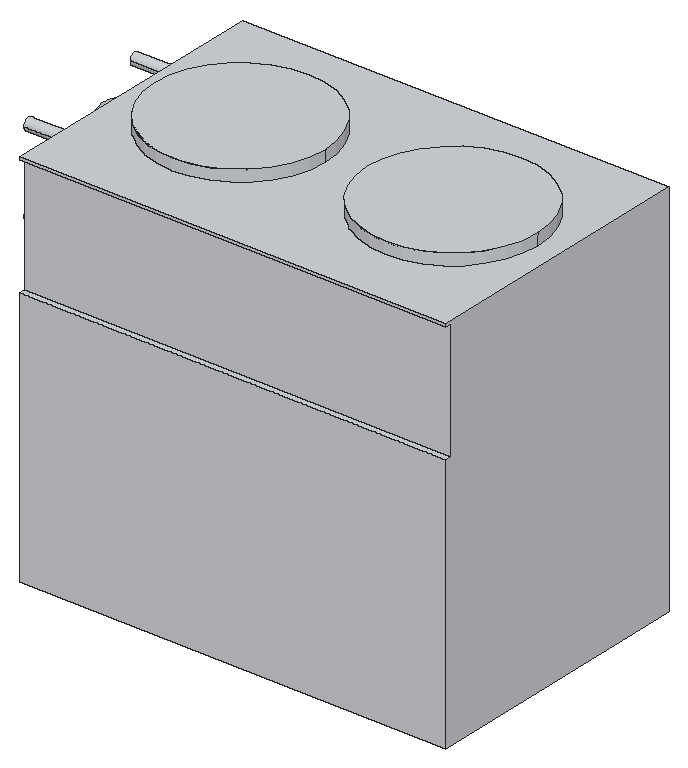
Revit family "M_Torre de resfriamento - Circuito fechado - Contra fluxo - 67-189 kW", category Equipamento mecânico, Revit 2019
Family settings
  Cota do conector redondo = Usar raio
  Tipo de parte = Normal
  Número OmniClass = 23.75.10.37.11
  Título OmniClass = Mechanical-Draft Cooling Towers
  ID de item do Seek = Cooling Tower - Closed Circuit - Counterflow - 67-189 kW-0000-CAN-ENU
  Com base no plano de trabalho = Não
  Sempre na vertical = Sim
  Corte com vazios quando carregada = Não
  Compartilhado = Não
  Ponto de cálculo do ambiente = Não
Parameters (values of type "67 kW")
  Voltagem = 460 V
  Visível 2 = no
  Visível 1 = yes
  Largura da torre = 2390 mm
  Material da torre = none
  Comprimento da torre = 3650 mm
  Altura da torre = 3360 mm
  Raio 2 = Comprimento da torre / 7  # 521.429 mm
  Raio 1 = Comprimento da torre / 5  # 730 mm
  Queda de pressão da água composta [instance] = 0.0 Pa
  Classificação de carga = Refrigeração
  Queda de pressão da água da refrigeração [instance] = 345000.0 Pa
  Número de pólos = 3
  Número de ventiladores = 2
  HP do motor = 30
  Raio da água composta = 25 mm
  Fluxo de água composto [instance] = 0.05 * Fluxo da água da refrigeração / 100  # 0.018 L/s
  Comprimento 2 = 470 mm
  Comprimento 1 = 430 mm
  Altura 1 = 2220 mm
  Perda de calor [instance] = 66500 W
  Fluxo de ar do ventilador [instance] = 24700.0 L/s
  Raio da drenagem = 50 mm
  Distância 2 = 690 mm
  Distância 1 = 1140 mm
  Raio da água da refrigeração = Diâmetro da água da refrigeração / 2  # 50 mm
  Fluxo da água da refrigeração [instance] = 36.0 L/s
  Diâmetro da água da refrigeração = 100 mm
  C6 Deslocamento 2 = 83 mm
  C6 Deslocamento 1 = 980 mm
  C5 Deslocamento 2 = 890 mm
  C5 Deslocamento 1 = 980 mm
  C4 Deslocamento 2 = 180 mm
  C1 Deslocamento 1 = 620 mm
  Carga aparente = 18800 VA
Types (17, lengths in mm): name | Visível 2 | Visível 1 | Largura da torre | Comprimento da torre | Altura da torre | Raio 2 | Raio 1 | Queda de pressão da água da refrigeração | Número de ventiladores | HP do motor | Fluxo de água composto | Comprimento 2 | Comprimento 1 | Altura 1 | Perda de calor | Fluxo de ar do ventilador | Raio da drenagem | Distância 2 | Distância 1 | Fluxo da água da refrigeração | C6 Deslocamento 2 | C6 Deslocamento 1 | C5 Deslocamento 2 | C5 Deslocamento 1 | C4 Deslocamento 2 | C1 Deslocamento 1 | Carga aparente
  (no name) | no | yes | 2390 | 3650 | 3360 | 521.429 | 730 | 345000.0 Pa | 2 | 30 | 0.018 L/s | 470 | 430 | 2220 | 66500 W | 24700.0 L/s | 50 | 690 | 1140 | 36.0 L/s | 83 | 980 | 890 | 980 | 180 | 620 | 18800 VA
  177 kW | yes | no | 2990 | 5500 | 4250 | 785.714 | 1100 | 448000.0 Pa | 3 | 67.5 | 0.0325 L/s | 530 | 630 | 2600 | 177000 W | 51300.0 L/s | 50 | 780 | 1450 | 65.0 L/s | 95 | 600 | 790 | 1270 | 120 | 770 | 42300 VA
  67 kW | no | yes | 2390 | 3650 | 3360 | 521.429 | 730 | 345000.0 Pa | 2 | 30 | 0.018 L/s | 470 | 430 | 2220 | 66500 W | 24700.0 L/s | 50 | 690 | 1140 | 36.0 L/s | 83 | 980 | 890 | 980 | 180 | 620 | 18800 VA
  81 kW | no | yes | 2390 | 3650 | 3550 | 521.429 | 730 | 345000.0 Pa | 2 | 35 | 0.018 L/s | 470 | 430 | 2220 | 80900 W | 25800.0 L/s | 50 | 690 | 1140 | 36.0 L/s | 83 | 980 | 890 | 980 | 180 | 620 | 21900 VA
  86 kW | yes | no | 2990 | 3650 | 3830 | 521.429 | 730 | 379000.0 Pa | 3 | 45 | 0.0216 L/s | 470 | 660 | 2600 | 86200 W | 35800.0 L/s | 50 | 780 | 1450 | 43.2 L/s | 95 | 600 | 790 | 1270 | 117.5 | 770 | 28200 VA
  90 kW | no | yes | 2390 | 3650 | 3740 | 521.429 | 730 | 345000.0 Pa | 2 | 45 | 0.018 L/s | 430 | 430 | 2220 | 90600 W | 27800.0 L/s | 50 | 690 | 1140 | 36.0 L/s | 83 | 980 | 890 | 980 | 180 | 620 | 28200 VA
  91 kW | no | yes | 2390 | 5490 | 3360 | 784.286 | 1098 | 414000.0 Pa | 2 | 47.5 | 0.0265 L/s | 500 | 430 | 2220 | 91100 W | 37800.0 L/s | 50.8 | 690 | 1140 | 53.0 L/s | 83 | 980 | 890 | 980 | 180 | 620 | 29800 VA
  96 kW | no | yes | 2390 | 3650 | 3920 | 521.429 | 730 | 345000.0 Pa | 2 | 45 | 0.018 L/s | 470 | 460 | 2220 | 96400 W | 27200.0 L/s | 50 | 690 | 1140 | 36.0 L/s | 83 | 980 | 890 | 980 | 180 | 620 | 28200 VA
  104 kW | yes | no | 2990 | 3650 | 4030 | 521.429 | 730 | 379000.0 Pa | 3 | 45 | 0.0216 L/s | 500 | 660 | 2600 | 104000 W | 35100.0 L/s | 50 | 780 | 1450 | 43.2 L/s | 95 | 600 | 790 | 1270 | 120 | 770 | 28200 VA
  110 kW | no | yes | 2390 | 5490 | 3550 | 784.286 | 1098 | 414000.0 Pa | 3 | 47.5 | 0.0265 L/s | 430 | 430 | 2220 | 110000 W | 37000.0 L/s | 50 | 690 | 1140 | 53.0 L/s | 83 | 980 | 890 | 980 | 180 | 620 | 29800 VA
  125 kW | yes | no | 2990 | 3650 | 4465 | 521.429 | 730 | 379000.0 Pa | 3 | 45 | 0.0216 L/s | 430 | 660 | 2600 | 125000 W | 33400.0 L/s | 50 | 780 | 1450 | 43.2 L/s | 95 | 600 | 790 | 1270 | 120 | 770 | 28200 VA
  130 kW | no | yes | 2990 | 5500 | 3820 | 785.714 | 1100 | 448000.0 Pa | 3 | 57.5 | 0.0325 L/s | 500 | 630 | 2600 | 130000 W | 50600.0 L/s | 50 | 780 | 1450 | 65.0 L/s | 95 | 600 | 790 | 1270 | 120 | 770 | 36000 VA
  137 kW | yes | no | 2390 | 5490 | 3740 | 784.286 | 1098 | 414000.0 Pa | 2 | 57.5 | 0.0265 L/s | 430 | 430 | 2220 | 137000 W | 39100.0 L/s | 50 | 690 | 1140 | 53.0 L/s | 83 | 980 | 890 | 980 | 180 | 620 | 36000 VA
  146 kW | no | yes | 2390 | 5490 | 3930 | 784.286 | 1098 | 414000.0 Pa | 2 | 57.5 | 0.0265 L/s | 530 | 660 | 2220 | 146000 W | 38300.0 L/s | 50 | 690 | 1140 | 53.0 L/s | 83 | 980 | 890 | 980 | 180 | 620 | 36000 VA
  158 kW | yes | no | 2990 | 5500 | 4030 | 785.714 | 1100 | 448000.0 Pa | 3 | 67.5 | 0.0325 L/s | 500 | 630 | 2600 | 158000 W | 53000.0 L/s | 50 | 780 | 1450 | 65.0 L/s | 95 | 600 | 790 | 1270 | 120 | 770 | 42300 VA
  189 kW | yes | no | 2990 | 5490 | 4465 | 784.286 | 1098 | 448000.0 Pa | 3 | 67.5 | 0.0325 L/s | 530 | 630 | 2600 | 189000 W | 50100.0 L/s | 50 | 780 | 1450 | 65.0 L/s | 95 | 600 | 790 | 1270 | 120 | 770 | 42300 VA
  117 kW | yes | no | 2990 | 3650 | 4250 | 521.429 | 730 | 379000.0 Pa | 3 | 45 | 0.0216 L/s | 530 | 660 | 2600 | 117000 W | 34100.0 L/s | 50 | 780 | 1450 | 43.2 L/s | 95 | 600 | 790 | 1270 | 120 | 770 | 28200 VA
Reference planes
  plane 1 "Centro (Frente/Trás)": y = 0
  plane 2: z = 0
  plane 3 "Centro (Esquerda/Direita)": x = 0
  plane 4: x = 3650
  plane 5: y = 2390
  plane 6: x = -430
  plane 7 "2": x = -226.8
  plane 8 "1": y = 2186.8
  plane 9: z = 83
  plane 10: z = 3360
  plane 11: z = 184.6
  plane 12: z = 337
  plane 13: z = 387.8
  plane 14: z = 641.8
  plane 15: z = 997.4
  plane 16: x = -74.4
  plane 17: y = 50.8
  plane 18: z = 2220
  plane 19: z = 3236.175
  plane 20: z = 3261.575
  plane 21: y = 1410
  plane 22 "3": y = 1206.8
  plane 23: y = 1359.2
  plane 24: z = 514.8
  plane 25: z = 667.2
  plane 26: z = 3134.575
  plane 27: z = 3032.975
  plane 28: z = 2880.575
  plane 29: z = 2400
  plane 30: z = 3090
  plane 31: y = 1770
  plane 32: y = 630
  plane 33: z = 890
  plane 34: y = 1410
  plane 35: x = -50.8
  plane 36: x = 3523
  plane 37: x = 127
  plane 38: z = 2093
  plane 39: z = 127
  plane 40: z = 1812.143
  plane 41: z = 1531.286
  plane 42: z = 1250.429
  plane 43: z = 969.571
  plane 44: z = 688.714
  plane 45: z = 407.857
  plane 46: x = 730
  plane 47: x = 1460
  plane 48: x = 2190
  plane 49: x = 2920
  plane 50: y = 1220.4
  plane 51: x = 912.5
  plane 52: x = 1825
  plane 53: x = 2737.5
Forms (mm)
  Sweep 1, solid, material <- "Material da torre", detail levels medium+fine
    path in 3D
      loop
        arc (-226.8, 2186.8, 337) -> (-182.163, 2186.8, 229.237) -> (-74.4, 2186.8, 184.6) r 152.4
        line (-74.4, 2186.8, 184.6) -> (0, 2186.8, 184.6)
    profile origin (-37.2, 2186.8, 184.6) x (0, 0, -1) y (0, 1, 0)
      loop
        circle (0, 0) r 101.6
  Extrusion 2, solid, material <- "Material da torre"
    sketch origin (0, 0, 0) x (0, 1, 0) y (0, 0, 1)
      loop
        line (2390, 3261.575) -> (0, 3261.575) -> (0, 3236.175) -> (50.8, 3236.175) -> (50.8, 2220) -> (0, 2220) -> (0, 0) -> (2390, 0) -> (2390, 3261.575)
    from 3650 to 0
  Extrusion 3, solid, material <- "Material da torre", detail levels medium+fine
    sketch origin (0, 0, 0) x (1, 0, 0) y (0, 1, 0)
      loop
        circle (-226.8, 2186.8) r 203.2
    from 387.8 to 641.8
  Extrusion 4, solid, material <- "Material da torre", detail levels medium+fine
    sketch origin (0, 0, 0) x (1, 0, 0) y (0, 1, 0)
      loop
        circle (-226.8, 2186.8) r 152.4
    from 337 to 997.4
  Sweep 5, solid, material <- "Material da torre", detail levels medium+fine
    path in 3D
      loop
        line (-226.8, 2186.8, 514.8) -> (-226.8, 1359.2, 514.8)
        arc (-226.8, 1359.2, 514.8) -> (-226.8, 1251.437, 559.437) -> (-226.8, 1206.8, 667.2) r 152.4
        line (-226.8, 1206.8, 667.2) -> (-226.8, 1206.8, 2880.575)
        arc (-226.8, 1206.8, 2880.575) -> (-182.163, 1206.8, 2988.338) -> (-74.4, 1206.8, 3032.975) r 152.4
        line (-74.4, 1206.8, 3032.975) -> (0, 1206.8, 3032.975)
    profile origin (-226.8, 1773, 514.8) x (0, 0, -1) y (1, 0, 0)
      loop
        circle (0, 0) r 101.6
  Extrusion 6, solid, material <- "Material da torre"
    sketch origin (-226.8, 0, 0) x (0, 1, 0) y (0, 0, 1)
      loop
        circle (1770, 3090) r 50
      loop
        circle (630, 3090) r 50
      loop
        circle (630, 2400) r 50
      loop
        circle (1770, 2400) r 50
    from -203.2 to 226.8
  Extrusion 7, solid, material <- "Material da torre"
    sketch origin (-226.8, 0, 0) x (0, 1, 0) y (0, 0, 1)
      loop
        circle (1770, 997.4) r 228.6
      loop
        circle (1410, 890) r 25
      loop
        circle (1410, 83) r 50
    from 176 to 226.8
  Extrusion 8, solid, material <- "Material da torre", visible <- "Visível 2"
    sketch origin (0, 0, 0) x (1, 0, 0) y (0, 1, 0)
      loop
        circle (2920, 1220.4) r 521.429
      loop
        circle (1825, 1220.4) r 521.429
      loop
        circle (730, 1220.4) r 521.429
    from 3261.575 to 3360
  Extrusion 9, solid, material <- "Material da torre", visible <- "Visível 1"
    sketch origin (0, 0, 0) x (1, 0, 0) y (0, 1, 0)
      loop
        circle (912.5, 1220.4) r 730
      loop
        circle (2737.5, 1220.4) r 730
    from 3261.575 to 3360
Cuts and joins
  joined: Sweep 1, Extrusion 3, Extrusion 4, Sweep 5
  joined: Extrusion 2, Extrusion 6, Extrusion 7
Lines and regions (mm)
  reference lines
    curve 1: arc (-226.8, 2186.8, 337) -> (-182.163, 2186.8, 229.237) -> (-74.4, 2186.8, 184.6) r 152.4
    curve 2: line (-74.4, 2186.8, 184.6) -> (0, 2186.8, 184.6)
    curve 5: line (-226.8, 2186.8, 514.8) -> (-226.8, 1359.2, 514.8)
    curve 6: arc (-226.8, 1359.2, 514.8) -> (-226.8, 1251.437, 559.437) -> (-226.8, 1206.8, 667.2) r 152.4
    curve 7: line (-226.8, 1206.8, 667.2) -> (-226.8, 1206.8, 2880.575)
    curve 8: arc (-226.8, 1206.8, 2880.575) -> (-182.163, 1206.8, 2988.338) -> (-74.4, 1206.8, 3032.975) r 152.4
    curve 9: line (-74.4, 1206.8, 3032.975) -> (0, 1206.8, 3032.975)
  sketch lines
    curve 3: line (-74.4, 2186.8, 184.6) -> (0, 2186.8, 184.6)
    curve 4: arc (-226.8, 2186.8, 337) -> (-182.163, 2186.8, 229.237) -> (-74.4, 2186.8, 184.6) r 152.4
    curve 10: line (-226.8, 2186.8, 514.8) -> (-226.8, 1359.2, 514.8)
    curve 11: arc (-226.8, 1359.2, 514.8) -> (-226.8, 1251.437, 559.437) -> (-226.8, 1206.8, 667.2) r 152.4
    curve 12: line (-226.8, 1206.8, 667.2) -> (-226.8, 1206.8, 2880.575)
    curve 13: arc (-226.8, 1206.8, 2880.575) -> (-182.163, 1206.8, 2988.338) -> (-74.4, 1206.8, 3032.975) r 152.4
    curve 14: line (-74.4, 1206.8, 3032.975) -> (0, 1206.8, 3032.975)
  model lines, detail levels medium+fine
    curve 15: line (127, 0, 2093) -> (3523, 0, 2093)
    curve 16: line (127, 0, 127) -> (127, 0, 2093)
    curve 17: line (3523, 0, 127) -> (127, 0, 127)
    curve 18: line (3523, 0, 2093) -> (3523, 0, 127)
    curve 19: line (127, 0, 1812.143) -> (3523, 0, 1812.143)
    curve 20: line (3523, 0, 1531.286) -> (127, 0, 1531.286)
    curve 21: line (127, 0, 1250.429) -> (3523, 0, 1250.429)
    curve 22: line (3523, 0, 969.571) -> (127, 0, 969.571)
    curve 23: line (3523, 0, 688.714) -> (127, 0, 688.714)
    curve 24: line (3523, 0, 407.857) -> (127, 0, 407.857)
Dimensions and locks
  "Comprimento da torre": plane 3 "Centro (Esquerda/Direita)" to plane 4
  "Largura da torre": plane 1 "Centro (Frente/Trás)" to plane 5
  "Comprimento 1": plane 6 to plane 3 "Centro (Esquerda/Direita)"
  locked: plane 6 to plane 7 "2" at 203.2
  locked: plane 5 to plane 8 "1" at 203.2
  "C6 Deslocamento 2": plane 9 to plane 2
  "Altura da torre": plane 10 to plane 2
  locked: plane 11 to plane 9 at 101.6
  locked: plane 12 to plane 11 at 152.4
  locked: plane 13 to plane 12 at 50.8
  locked: plane 14 to plane 13 at 254
  locked: plane 15 to plane 14 at 355.6
  locked: plane 16 to plane 7 "2" at 152.4
  locked: plane 1 "Centro (Frente/Trás)" to plane 17 at 50.8
  "Altura 1": plane 18 to plane 2
  locked: plane 10 to plane 19 at 123.825
  locked: plane 20 to plane 19 at 25.4
  locked: plane 21 to plane 22 "3" at 203.2
  "C5 Deslocamento 1": plane 5 to plane 21
  locked: plane 23 to plane 22 "3" at 152.4
  equal spacing: plane 14, plane 24, plane 13
  locked: plane 25 to plane 24 at 152.4
  locked: plane 19 to plane 26 at 101.6
  locked: plane 26 to plane 27 at 101.6
  locked: plane 26 to plane 28 at 254
  "C4 Deslocamento 2": plane 29 to plane 18
  "Distância 2": plane 29 to plane 30
  "C1 Deslocamento 1": plane 5 to plane 31
  "Distância 1": plane 31 to plane 32
  "C5 Deslocamento 2": plane 33 to plane 2
  "C6 Deslocamento 1": plane 5 to plane 34
  locked: plane 35 to plane 3 "Centro (Esquerda/Direita)" at 50.8
  locked: plane 39 to plane 2 at 127
  locked: plane 18 to plane 38 at 127
  locked: plane 4 to plane 36 at 127
  locked: plane 37 to plane 3 "Centro (Esquerda/Direita)" at 127
  equal spacing: plane 38, plane 40, plane 41, plane 42, plane 43, plane 44, plane 45, plane 39
  equal spacing: plane 3 "Centro (Esquerda/Direita)", plane 46, plane 47, plane 48, plane 49, plane 4
  equal spacing: plane 5, plane 50, plane 17
  equal spacing: plane 3 "Centro (Esquerda/Direita)", plane 51, plane 52, plane 53, plane 4
  radius of Sweep 1 sketch curve = 101.6 mm
  radius of Extrusion 3 sketch curve = 203.2 mm
  radius of Extrusion 4 sketch curve = 152.4 mm
  radius of curve 6 = 152.4 mm
  radius of curve 8 = 152.4 mm
  radius of Sweep 5 sketch curve = 101.6 mm
  "Raio da água da refrigeração": radius of Extrusion 6 sketch curve  (x4)
  radius of Extrusion 7 sketch curve = 228.6 mm
  "Raio da água composta": radius of Extrusion 7 sketch curve
  "Raio da drenagem": radius of Extrusion 7 sketch curve
  "Raio 2": radius of Extrusion 8 sketch curve  (x3)
  "Raio 1": radius of Extrusion 9 sketch curve  (x2)
  aligned and locked: plane 20 to Extrusion 2 sketch curve
  aligned and locked: plane 1 "Centro (Frente/Trás)" to Extrusion 2 sketch curve  (x2)
  aligned and locked: Extrusion 2 sketch curve to plane 19
  aligned and locked: Extrusion 2 sketch curve to plane 17
  aligned and locked: plane 18 to Extrusion 2 sketch curve
  aligned and locked: Extrusion 2 sketch curve to plane 2
  aligned and locked: Extrusion 2 sketch curve to plane 5
  aligned and locked: plane 4 to Extrusion 2
  aligned and locked: Extrusion 2 to plane 3 "Centro (Esquerda/Direita)"
  aligned and locked: plane 7 "2" to Extrusion 3 sketch curve
  aligned and locked: plane 8 "1" to Extrusion 3 sketch curve
  aligned and locked: plane 13 to Extrusion 3
  aligned and locked: plane 14 to Extrusion 3
  aligned and locked: plane 7 "2" to Extrusion 4 sketch curve
  aligned and locked: plane 8 "1" to Extrusion 4 sketch curve
  aligned and locked: plane 15 to Extrusion 4
  aligned and locked: Extrusion 4 to plane 12
  aligned and locked: plane 23 to curve 6
  aligned and locked: plane 25 to curve 6
  aligned and locked: plane 16 to curve 8
  aligned and locked: plane 28 to curve 8
  aligned and locked: plane 32 to Extrusion 6 sketch curve  (x2)
  aligned and locked: plane 29 to Extrusion 6 sketch curve  (x2)
  aligned and locked: plane 30 to Extrusion 6 sketch curve  (x2)
  aligned and locked: plane 31 to Extrusion 6 sketch curve  (x2)
  aligned and locked: plane 3 "Centro (Esquerda/Direita)" to Extrusion 6
  aligned and locked: Extrusion 6 to plane 6
  aligned and locked: plane 34 to Extrusion 7 sketch curve
  aligned and locked: plane 9 to Extrusion 7 sketch curve
  aligned and locked: plane 21 to Extrusion 7 sketch curve
  aligned and locked: plane 33 to Extrusion 7 sketch curve
  aligned and locked: plane 15 to Extrusion 7 sketch curve
  aligned and locked: Extrusion 7 sketch curve to plane 31
  aligned and locked: plane 3 "Centro (Esquerda/Direita)" to Extrusion 7
  aligned and locked: Extrusion 7 to plane 35
  aligned and locked: plane 37 to curve 15
  aligned and locked: curve 15 to plane 38
  aligned and locked: plane 39 to curve 18
  aligned and locked: curve 18 to plane 36
  aligned and locked: plane 49 to Extrusion 8 sketch curve
  aligned and locked: plane 50 to Extrusion 8 sketch curve  (x3)
  aligned and locked: plane 52 to Extrusion 8 sketch curve
  aligned and locked: plane 46 to Extrusion 8 sketch curve
  aligned and locked: plane 51 to Extrusion 9 sketch curve
  aligned and locked: plane 50 to Extrusion 9 sketch curve  (x2)
  aligned and locked: plane 53 to Extrusion 9 sketch curve
  aligned and locked: Extrusion 9 to plane 10
  aligned and locked: Extrusion 9 to plane 20
  aligned and locked: Extrusion 8 to plane 10
  aligned and locked: Extrusion 8 to plane 20
Automatic sketch dimensions
  curve 2 to plane 3 "Centro (Esquerda/Direita)" = 0 mm
  curve 1 to plane 11 = 0 mm
  curve 1 to plane 16 = 0 mm
  curve 1 to plane 7 "2" = 0 mm
  Sweep 1 sketch curve to profile plane = 0 mm  (x2)
  curve 5 to plane 8 "1" = 0 mm
  curve 7 to plane 28 = 0 mm
  curve 9 to plane 3 "Centro (Esquerda/Direita)" = 0 mm
  Sweep 5 sketch curve to profile plane = 0 mm  (x2)
  curve 24 to plane 45 = 0 mm
  curve 23 to plane 44 = 0 mm
  curve 22 to plane 43 = 0 mm
  curve 21 to plane 42 = 0 mm
  curve 20 to plane 41 = 0 mm
  curve 19 to plane 40 = 0 mm
Connectors
  piping at (-430, 1770, 3090), diameter 100, driven by "Raio da água da refrigeração", driven by "Queda de pressão da água da refrigeração", driven by "Fluxo da água da refrigeração"
    settings: on Extrusion 6, index 1, connector inside diameter 100 mm, connector length 0 mm, flow factor 0, pipe flow 36.0 L/s, pressure drop 345000.0 Pa, fitting loss kfactor 0, connector angle 0.00°, fixture units 0, engagement length 0 mm, angle of deflection 0.00°, flow configuration 0, flow direction 2, fitting loss method 4, system type 7, joint type 0, gender type 0, connector reference index 3, connector utility 0, adjustable connector no, is connector primary yes, connector description "Saída de água do condensador"
  piping at (-430, 630, 3090), diameter 100, driven by "Raio da água da refrigeração", driven by "Queda de pressão da água da refrigeração", driven by "Fluxo da água da refrigeração"
    settings: on Extrusion 6, index 2, connector inside diameter 100 mm, connector length 0 mm, flow factor 0, pipe flow 36.0 L/s, pressure drop 345000.0 Pa, fitting loss kfactor 0, connector angle 0.00°, fixture units 0, engagement length 0 mm, angle of deflection 0.00°, flow configuration 0, flow direction 2, fitting loss method 4, system type 7, joint type 0, gender type 0, connector reference index 4, connector utility 0, adjustable connector no, is connector primary no, connector description "Saída de água do condensador"
  piping at (-430, 1770, 2400), diameter 100, driven by "Raio da água da refrigeração", driven by "Fluxo da água da refrigeração"
    settings: on Extrusion 6, index 3, connector inside diameter 100 mm, connector length 0 mm, flow factor 0, pipe flow 36.0 L/s, pressure drop 0.0 Pa, fitting loss kfactor 0, connector angle 0.00°, fixture units 0, engagement length 0 mm, angle of deflection 0.00°, flow configuration 0, flow direction 1, fitting loss method 0, system type 8, joint type 0, gender type 0, connector reference index 1, connector utility 0, adjustable connector no, is connector primary no, connector description "Entrada de água do condensador"
  piping at (-430, 630, 2400), diameter 100, driven by "Raio da água da refrigeração", driven by "Fluxo da água da refrigeração"
    settings: on Extrusion 6, index 4, connector inside diameter 100 mm, connector length 0 mm, flow factor 0, pipe flow 36.0 L/s, pressure drop 0.0 Pa, fitting loss kfactor 0, connector angle 0.00°, fixture units 0, engagement length 0 mm, angle of deflection 0.00°, flow configuration 0, flow direction 1, fitting loss method 0, system type 8, joint type 0, gender type 0, connector reference index 2, connector utility 0, adjustable connector no, is connector primary no, connector description "Entrada de água do condensador"
  piping at (-50.8, 1410, 890), diameter 50, driven by "Raio da água composta", driven by "Fluxo de água composto", driven by "Queda de pressão da água composta"
    settings: on Extrusion 7, index 5, connector inside diameter 50 mm, connector length 0 mm, flow factor 0, pipe flow 0.018 L/s, pressure drop 0.0 Pa, fitting loss kfactor 0, connector angle 0.00°, fixture units 0, engagement length 0 mm, angle of deflection 0.00°, flow configuration 1, flow direction 1, fitting loss method 4, system type 20, joint type 0, gender type 0, connector reference index -1, connector utility 0, adjustable connector no, is connector primary no, connector description "Entrada de água composta"
  piping at (-50.8, 1410, 83), diameter 100, driven by "Raio da drenagem"
    settings: on Extrusion 7, index 6, connector inside diameter 100 mm, connector length 0 mm, flow factor 0, pipe flow 0.0 L/s, pressure drop 0.0 Pa, fitting loss kfactor 0, connector angle 0.00°, fixture units 0, engagement length 0 mm, angle of deflection 0.00°, flow configuration 1, flow direction 2, fitting loss method 0, system type 16, joint type 0, gender type 0, connector reference index -1, connector utility 0, adjustable connector yes, is connector primary no, connector description "Saída da drenagem"
  electrical at (-226.8, 2186.8, 997.4), driven by "Carga aparente", driven by "Voltagem", driven by "Número de pólos", driven by "Classificação de carga"
    settings: on cut or joined group of Sweep 1, Extrusion 3, Extrusion 4, Sweep 5, index 7, voltage 460 V, apparent load 18800 VA, apparent load phase1 0 VA, apparent load phase2 0 VA, apparent load phase3 0 VA, power factor 0.8, load classification "Refrigeração", number of poles 3, system type 30, power factor state 1, is connector primary yes, connector utility no, sub classification motor no, connector description ""
